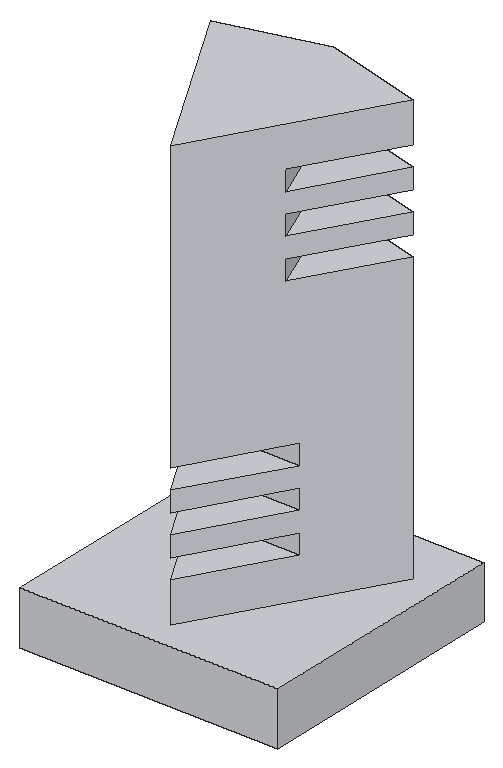
Revit family
Parameters (values of type "SBSP-008.2")
  Width = 1' - 4"
  URL = "www.strombergarchitectural.com"
  Top Material = GFRC
  Submittal Sheet = "www.strombergarchitectural.com/images/materials/gfrc/submittal/gfrc-submittal-sheet.pdf"
  Specifications = "www.strombergarchitectural.com/gfrcspecifications"
  Model Cut-sheet = "www.strombergarchitectural.com/products/bollards/design/SBSP-008"
  Model = "SBSP-008"
  Manufacturer = "Stromberg Architectural Products"
  Guidebook = "www.strombergarchitectural.com/images/materials/gfrc/handbooks/gfrc_guidebook.pdf"
  Frame Material = none
  Description = "GFRC Bollard"
  Assembly Code = ""
  Height = 2' - 6"
  XXX.5 = no
  XXX.4 = no
  XXX.3 = no
  XXX.2 = yes
  XXX.1 = no
Types (6): name | Width | Guidebook | Height | XXX.5 | XXX.4 | XXX.3 | XXX.2 | XXX.1
  (no name) | 1' - 4" | "www.strombergarchitectural.com/images/materials/gfrc/handbooks/gfrc_guidebook.pdf" | 2' - 6" | no | no | no | yes | no
  SBSP-008.3 | 1' - 7" | "www.strombergarchitectural.com/images/materials/gfrc/handbooks/gfrc_guidebook.pdf" | 3' - 0" | no | no | yes | no | no
  SBSP-008.1 | 1' - 1" | "www.strombergarchitectural.com/images/materials/gfrc/handbooks/gfrc_guidebook.pdf   \r\n(http://www.strombergarchitectural.com/images/materials/gfrc/handbooks/gfrc_guidebook.pdf" | 2' - 0" | no | no | no | no | yes
  SBSP-008.2 | 1' - 4" | "www.strombergarchitectural.com/images/materials/gfrc/handbooks/gfrc_guidebook.pdf" | 2' - 6" | no | no | no | yes | no
  SBSP-008.4 | 1' - 10" | "www.strombergarchitectural.com/images/materials/gfrc/handbooks/gfrc_guidebook.pdf" | 3' - 6" | no | yes | no | no | no
  SBSP-008.5 | 2' - 1" | "www.strombergarchitectural.com/images/materials/gfrc/handbooks/gfrc_guidebook.pdf" | 4' - 0" | yes | no | no | no | no
Reference planes (in)
  plane 1 "Center (Front/Back)": y = 3.74847
  plane 2: z = 0
  plane 3 "Center (Left/Right)": x = 0.7278
  plane 4 "Left": x = -17.2722
  plane 5 "Right": x = 18.7278
  plane 6: z = 5.33333
  plane 7: x = -3.77516
  plane 8: x = 5.23076
  plane 9: x = -33.2722
Forms (in)
  Extrusion 1, solid, visible <- "XXX.1"
    sketch origin (0, 0, 0) x (1, 0, 0) y (0, 1, 0)
      loop
        line (-5.7722, 10.24847) -> (-5.7722, -2.75153) -> (7.2278, -2.75153) -> (7.2278, 10.24847) -> (-5.7722, 10.24847)
    from 0 to 2.66667
  Extrusion 2, solid, visible <- "XXX.1"
    sketch origin (7.2278, -48, 2.66667) x (0, -1, 0) y (-1, 0, 0)
      loop
        line (-55.51163, 11.63158) -> (-56.88005, 6.5) -> (-55.51163, 1.36842) -> (-46.61689, 6.5) -> (-55.51163, 11.63158)
    from -2 to 0
  Extrusion 3, solid, visible <- "XXX.1"
    sketch origin (7.2278, -48, 4.66667) x (0, -1, 0) y (-1, 0, 0)
      loop
        line (-55.51163, 11.63158) -> (-56.88005, 6.5) -> (-55.51163, 1.36842) -> (-46.61689, 6.5) -> (-55.51163, 11.63158)
    from -2 to -1
  Extrusion 4, solid, visible <- "XXX.1"
    sketch origin (7.2278, -48, 6.66667) x (0, -1, 0) y (-1, 0, 0)
      loop
        line (-55.51163, 11.63158) -> (-56.88005, 6.5) -> (-55.51163, 1.36842) -> (-46.61689, 6.5) -> (-55.51163, 11.63158)
    from -2 to -1
  Extrusion 5, solid, visible <- "XXX.1"
    sketch origin (7.2278, -48, 8.83333) x (0, -1, 0) y (-1, 0, 0)
      loop
        line (-55.51163, 11.63158) -> (-56.88005, 6.5) -> (-55.51163, 1.36842) -> (-46.61689, 6.5) -> (-55.51163, 11.63158)
    from -2 to -0.83333
  Extrusion 6, solid, visible <- "XXX.1"
    sketch origin (7.2278, -48, 10.83333) x (0, -1, 0) y (-1, 0, 0)
      loop
        line (-55.51163, 11.63158) -> (-56.88005, 6.5) -> (-55.51163, 1.36842) -> (-46.61689, 6.5) -> (-55.51163, 11.63158)
    from -2 to -1
  Extrusion 7, solid, visible <- "XXX.1"
    sketch origin (7.2278, -48, 12.83333) x (0, -1, 0) y (-1, 0, 0)
      loop
        line (-55.51163, 11.63158) -> (-56.88005, 6.5) -> (-55.51163, 1.36842) -> (-46.61689, 6.5) -> (-55.51163, 11.63158)
    from -2 to -1
  Extrusion 8, solid, visible <- "XXX.1"
    sketch origin (7.2278, -48, 15) x (0, -1, 0) y (-1, 0, 0)
      loop
        line (-55.51163, 11.63158) -> (-56.88005, 6.5) -> (-55.51163, 1.36842) -> (-46.61689, 6.5) -> (-55.51163, 11.63158)
    from -2 to -0.83333
  Extrusion 9, solid, visible <- "XXX.1"
    sketch origin (7.2278, -48, 17) x (0, -1, 0) y (-1, 0, 0)
      loop
        line (-55.51163, 11.63158) -> (-56.88005, 6.5) -> (-55.51163, 1.36842) -> (-46.61689, 6.5) -> (-55.51163, 11.63158)
    from -2 to -1
  Extrusion 10, solid, visible <- "XXX.1"
    sketch origin (7.2278, -48, 19) x (0, -1, 0) y (-1, 0, 0)
      loop
        line (-55.51163, 11.63158) -> (-56.88005, 6.5) -> (-55.51163, 1.36842) -> (-46.61689, 6.5) -> (-55.51163, 11.63158)
    from -2 to -1
  Extrusion 11, solid, visible <- "XXX.1"
    sketch origin (7.2278, -48, 22) x (0, -1, 0) y (-1, 0, 0)
      loop
        line (-55.51163, 11.63158) -> (-56.88005, 6.5) -> (-55.51163, 1.36842) -> (-46.61689, 6.5) -> (-55.51163, 11.63158)
    from -2 to 0
  Extrusion 12, solid, visible <- "XXX.1"
    sketch origin (3.55965, -48, 4.66667) x (0, -1, 0) y (-1, 0, 0)
      loop
        line (-55.51163, 7.96343) -> (-56.88005, 2.83185) -> (-55.51163, -2.29973) -> (-51.35812, 0.09653) -> (-51.35812, 5.56718) -> (-55.51163, 7.96343)
    from -1 to 0
  Extrusion 13, solid, visible <- "XXX.1"
    sketch origin (3.55965, -48, 6.66667) x (0, -1, 0) y (-1, 0, 0)
      loop
        line (-55.51163, 7.96343) -> (-56.88005, 2.83185) -> (-55.51163, -2.29973) -> (-51.35812, 0.09653) -> (-51.35812, 5.56718) -> (-55.51163, 7.96343)
    from -1 to 0
  Extrusion 14, solid, visible <- "XXX.1"
    sketch origin (3.55965, -48, 8.66667) x (0, -1, 0) y (-1, 0, 0)
      loop
        line (-55.51163, 7.96343) -> (-56.88005, 2.83185) -> (-55.51163, -2.29973) -> (-51.35812, 0.09653) -> (-51.35812, 5.56718) -> (-55.51163, 7.96343)
    from -1 to 0
  Extrusion 15, solid, visible <- "XXX.1"
    sketch origin (-1.77368, -48, 10.83333) x (0, -1, 0) y (-1, 0, 0)
      loop
        line (-56.88005, -2.50148) -> (-55.51163, -7.63306) -> (-46.61689, -2.50148) -> (-50.95279, 0) -> (-56.88005, -2.50148)
    from -1 to 0
  Extrusion 16, solid, visible <- "XXX.1"
    sketch origin (-1.77368, -48, 12.83333) x (0, -1, 0) y (-1, 0, 0)
      loop
        line (-56.88005, -2.50148) -> (-55.51163, -7.63306) -> (-46.61689, -2.50148) -> (-50.95279, 0) -> (-56.88005, -2.50148)
    from -1 to 0
  Extrusion 17, solid, visible <- "XXX.1"
    sketch origin (-1.77368, -48, 14.83333) x (0, -1, 0) y (-1, 0, 0)
      loop
        line (-56.88005, -2.50148) -> (-55.51163, -7.63306) -> (-46.61689, -2.50148) -> (-50.95279, 0) -> (-56.88005, -2.50148)
    from -1 to 0
  Extrusion 18, solid, visible <- "XXX.1"
    sketch origin (5.85938, -48, 17) x (0, -1, 0) y (-1, 0, 0)
      loop
        line (-56.88005, 5.13158) -> (-50.95279, 2.6301) -> (-46.61689, 5.13158) -> (-55.51163, 10.26316) -> (-56.88005, 5.13158)
    from -1 to 0
  Extrusion 19, solid, visible <- "XXX.1"
    sketch origin (5.85938, -48, 19) x (0, -1, 0) y (-1, 0, 0)
      loop
        line (-56.88005, 5.13158) -> (-50.95279, 2.6301) -> (-46.61689, 5.13158) -> (-55.51163, 10.26316) -> (-56.88005, 5.13158)
    from -1 to 0
  Extrusion 20, solid, visible <- "XXX.1"
    sketch origin (5.85938, -48, 21) x (0, -1, 0) y (-1, 0, 0)
      loop
        line (-56.88005, 5.13158) -> (-50.95279, 2.6301) -> (-46.61689, 5.13158) -> (-55.51163, 10.26316) -> (-56.88005, 5.13158)
    from -1 to 0
  Extrusion 21, void
    sketch origin (0, 0, 0) x (1, 0, 0) y (0, 1, 0)
      loop
        line (-7.2722, -4.25153) -> (8.7278, -4.25153) -> (8.7278, 11.74847) -> (-7.2722, 11.74847) -> (-7.2722, -4.25153)
    from 0 to -0.00496
  Extrusion 22, solid, visible <- "XXX.2"
    sketch origin (8.7278, -48, 3.33333) x (0, -1, 0) y (-1, 0, 0)
      loop
        line (-58.06426, 8) -> (-56.38005, 1.68421) -> (-45.43268, 8) -> (-56.38193, 14.27852) -> (-58.06426, 8)
    from -2.5 to 0
  Extrusion 23, solid, visible <- "XXX.2"
    sketch origin (8.7278, -48, 5.83333) x (0, -1, 0) y (-1, 0, 0)
      loop
        line (-58.06426, 8) -> (-56.38005, 1.68421) -> (-45.43268, 8) -> (-56.38193, 14.27852) -> (-58.06426, 8)
    from -2.5 to -1.25
  Extrusion 24, solid, visible <- "XXX.2"
    sketch origin (8.7278, -48, 8.33333) x (0, -1, 0) y (-1, 0, 0)
      loop
        line (-58.06426, 8) -> (-56.38005, 1.68421) -> (-45.43268, 8) -> (-56.38193, 14.27852) -> (-58.06426, 8)
    from -2.5 to -1.25
  Extrusion 25, solid, visible <- "XXX.2"
    sketch origin (8.7278, -48, 11.04167) x (0, -1, 0) y (-1, 0, 0)
      loop
        line (-58.06426, 8) -> (-56.38005, 1.68421) -> (-45.43268, 8) -> (-56.38193, 14.27852) -> (-58.06426, 8)
    from -2.5 to -1.04167
  Extrusion 26, solid, visible <- "XXX.2"
    sketch origin (8.7278, -48, 13.54167) x (0, -1, 0) y (-1, 0, 0)
      loop
        line (-58.06426, 8) -> (-56.38005, 1.68421) -> (-45.43268, 8) -> (-56.38193, 14.27852) -> (-58.06426, 8)
    from -2.5 to -1.25
  Extrusion 27, solid, visible <- "XXX.2"
    sketch origin (8.7278, -48, 16.04167) x (0, -1, 0) y (-1, 0, 0)
      loop
        line (-58.06426, 8) -> (-56.38005, 1.68421) -> (-45.43268, 8) -> (-56.38193, 14.27852) -> (-58.06426, 8)
    from -2.5 to -1.25
  Extrusion 28, solid, visible <- "XXX.2"
    sketch origin (8.7278, -48, 18.75) x (0, -1, 0) y (-1, 0, 0)
      loop
        line (-58.06426, 8) -> (-56.38005, 1.68421) -> (-45.43268, 8) -> (-56.38193, 14.27852) -> (-58.06426, 8)
    from -2.5 to -1.04167
  Extrusion 29, solid, visible <- "XXX.2"
    sketch origin (8.7278, -48, 21.25) x (0, -1, 0) y (-1, 0, 0)
      loop
        line (-58.06426, 8) -> (-56.38005, 1.68421) -> (-45.43268, 8) -> (-56.38193, 14.27852) -> (-58.06426, 8)
    from -2.5 to -1.25
  Extrusion 30, solid, visible <- "XXX.2"
    sketch origin (8.7278, -48, 23.75) x (0, -1, 0) y (-1, 0, 0)
      loop
        line (-58.06426, 8) -> (-56.38005, 1.68421) -> (-45.43268, 8) -> (-56.38193, 14.27852) -> (-58.06426, 8)
    from -2.5 to -1.25
  Extrusion 31, solid, visible <- "XXX.2"
    sketch origin (8.7278, -48, 27.5) x (0, -1, 0) y (-1, 0, 0)
      loop
        line (-58.06426, 8) -> (-56.38005, 1.68421) -> (-45.43268, 8) -> (-56.38193, 14.27852) -> (-58.06426, 8)
    from -2.5 to 0
  Extrusion 32, solid, visible <- "XXX.2"
    sketch origin (8.7278, -48, 3.33333) x (0, -1, 0) y (-1, 0, 0)
      loop
        line (-59.74847, 16) -> (-59.74847, 0) -> (-43.74847, 0) -> (-43.74847, 16) -> (-59.74847, 16)
    from 0 to 3.33333
  Extrusion 33, solid, visible <- "XXX.2"
    sketch origin (8.7278, -48, 3.33333) x (0, -1, 0) y (-1, 0, 0)
      loop
        line (-56.38193, 14.27852) -> (-58.06426, 8) -> (-56.38005, 1.68421) -> (-51.26803, 4.63345) -> (-51.26803, 11.34611) -> (-56.38193, 14.27852)
    from -3.75 to -2.5
  Extrusion 34, solid, visible <- "XXX.2"
    sketch origin (8.7278, -48, 5.83333) x (0, -1, 0) y (-1, 0, 0)
      loop
        line (-56.38193, 14.27852) -> (-58.06426, 8) -> (-56.38005, 1.68421) -> (-51.26803, 4.63345) -> (-51.26803, 11.34611) -> (-56.38193, 14.27852)
    from -3.75 to -2.5
  Extrusion 35, solid, visible <- "XXX.2"
    sketch origin (8.7278, -48, 8.33333) x (0, -1, 0) y (-1, 0, 0)
      loop
        line (-56.38193, 14.27852) -> (-58.06426, 8) -> (-56.38005, 1.68421) -> (-51.26803, 4.63345) -> (-51.26803, 11.34611) -> (-56.38193, 14.27852)
    from -3.75 to -2.5
  Extrusion 36, solid, visible <- "XXX.2"
    sketch origin (8.7278, -48, 3.33333) x (0, -1, 0) y (-1, 0, 0)
      loop
        line (-58.06426, 8) -> (-50.63589, 4.99815) -> (-45.43268, 8) -> (-56.38193, 14.27852) -> (-58.06426, 8)
    from -19.16667 to -17.91667
  Extrusion 37, solid, visible <- "XXX.2"
    sketch origin (8.7278, -48, 5.83333) x (0, -1, 0) y (-1, 0, 0)
      loop
        line (-58.06426, 8) -> (-50.63589, 4.99815) -> (-45.43268, 8) -> (-56.38193, 14.27852) -> (-58.06426, 8)
    from -19.16667 to -17.91667
  Extrusion 38, solid, visible <- "XXX.2"
    sketch origin (8.7278, -48, 8.33333) x (0, -1, 0) y (-1, 0, 0)
      loop
        line (-58.06426, 8) -> (-50.63589, 4.99815) -> (-45.43268, 8) -> (-56.38193, 14.27852) -> (-58.06426, 8)
    from -19.16667 to -17.91667
  Extrusion 39, solid, visible <- "XXX.3"
    sketch origin (0, 0, 0) x (1, 0, 0) y (0, 1, 0)
      loop
        line (-8.7722, 13.24847) -> (-8.7722, -5.75153) -> (10.2278, -5.75153) -> (10.2278, 13.24847) -> (-8.7722, 13.24847)
    from 0 to 4
  Extrusion 40, solid, visible <- "XXX.3"
    sketch origin (10.2278, -48, 4) x (0, -1, 0) y (-1, 0, 0)
      loop
        line (-59.24847, 9.5) -> (-57.24847, 2) -> (-44.24847, 9.5) -> (-57.24847, 17) -> (-59.24847, 9.5)
    from -3 to 0
  Extrusion 41, solid, visible <- "XXX.3"
    sketch origin (10.2278, -48, 7) x (0, -1, 0) y (-1, 0, 0)
      loop
        line (-59.24847, 9.5) -> (-57.24847, 2) -> (-44.24847, 9.5) -> (-57.24847, 17) -> (-59.24847, 9.5)
    from -3 to -1.5
  Extrusion 42, solid, visible <- "XXX.3"
    sketch origin (10.2278, -48, 10) x (0, -1, 0) y (-1, 0, 0)
      loop
        line (-59.24847, 9.5) -> (-57.24847, 2) -> (-44.24847, 9.5) -> (-57.24847, 17) -> (-59.24847, 9.5)
    from -3 to -1.5
  Extrusion 43, solid, visible <- "XXX.3"
    sketch origin (10.2278, -48, 13.25) x (0, -1, 0) y (-1, 0, 0)
      loop
        line (-59.24847, 9.5) -> (-57.24847, 2) -> (-44.24847, 9.5) -> (-57.24847, 17) -> (-59.24847, 9.5)
    from -3 to -1.25
  Extrusion 44, solid, visible <- "XXX.3"
    sketch origin (10.2278, -48, 16.25) x (0, -1, 0) y (-1, 0, 0)
      loop
        line (-59.24847, 9.5) -> (-57.24847, 2) -> (-44.24847, 9.5) -> (-57.24847, 17) -> (-59.24847, 9.5)
    from -3 to -1.5
  Extrusion 45, solid, visible <- "XXX.3"
    sketch origin (10.2278, -48, 19.25) x (0, -1, 0) y (-1, 0, 0)
      loop
        line (-59.24847, 9.5) -> (-57.24847, 2) -> (-44.24847, 9.5) -> (-57.24847, 17) -> (-59.24847, 9.5)
    from -3 to -1.5
  Extrusion 46, solid, visible <- "XXX.3"
    sketch origin (10.2278, -48, 22.25) x (0, -1, 0) y (-1, 0, 0)
      loop
        line (-59.24847, 9.5) -> (-57.24847, 2) -> (-44.24847, 9.5) -> (-57.24847, 17) -> (-59.24847, 9.5)
    from -3.25 to -1.5
  Extrusion 47, solid, visible <- "XXX.3"
    sketch origin (10.2278, -48, 25.25) x (0, -1, 0) y (-1, 0, 0)
      loop
        line (-59.24847, 9.5) -> (-57.24847, 2) -> (-44.24847, 9.5) -> (-57.24847, 17) -> (-59.24847, 9.5)
    from -3.25 to -1.75
  Extrusion 48, solid, visible <- "XXX.3"
    sketch origin (10.2278, -48, 28.25) x (0, -1, 0) y (-1, 0, 0)
      loop
        line (-59.24847, 9.5) -> (-57.24847, 2) -> (-44.24847, 9.5) -> (-57.24847, 17) -> (-59.24847, 9.5)
    from -3.25 to -1.75
  Extrusion 49, solid, visible <- "XXX.3"
    sketch origin (10.2278, -48, 32.75) x (0, -1, 0) y (-1, 0, 0)
      loop
        line (-59.24847, 9.5) -> (-57.24847, 2) -> (-44.24847, 9.5) -> (-57.24847, 17) -> (-59.24847, 9.5)
    from -3.25 to -0.25
  Extrusion 50, solid, visible <- "XXX.3"
    sketch origin (10.2278, -48, 16.25) x (0, -1, 0) y (-1, 0, 0)
      loop
        line (-59.24847, 9.5) -> (-57.24847, 2) -> (-44.24847, 9.5) -> (-50.31898, 13.00222) -> (-59.24847, 9.5)
    from -4.5 to -3
  Extrusion 51, solid, visible <- "XXX.3"
    sketch origin (10.2278, -48, 13.25) x (0, -1, 0) y (-1, 0, 0)
      loop
        line (-59.24847, 9.5) -> (-57.24847, 2) -> (-44.24847, 9.5) -> (-50.31898, 13.00222) -> (-59.24847, 9.5)
    from -4.5 to -3
  Extrusion 52, solid, visible <- "XXX.3"
    sketch origin (10.2278, -48, 19.25) x (0, -1, 0) y (-1, 0, 0)
      loop
        line (-59.24847, 9.5) -> (-57.24847, 2) -> (-44.24847, 9.5) -> (-50.31898, 13.00222) -> (-59.24847, 9.5)
    from -4.5 to -3
  Extrusion 53, solid, visible <- "XXX.3"
    sketch origin (10.2278, -48, 4) x (0, -1, 0) y (-1, 0, 0)
      loop
        line (-59.24847, 9.5) -> (-57.24847, 2) -> (-51.17795, 5.50222) -> (-51.17795, 13.49778) -> (-57.24847, 17) -> (-59.24847, 9.5)
    from -4.5 to -3
  Extrusion 54, solid, visible <- "XXX.3"
    sketch origin (10.2278, -48, 7) x (0, -1, 0) y (-1, 0, 0)
      loop
        line (-59.24847, 9.5) -> (-57.24847, 2) -> (-51.17795, 5.50222) -> (-51.17795, 13.49778) -> (-57.24847, 17) -> (-59.24847, 9.5)
    from -4.5 to -3
  Extrusion 55, solid, visible <- "XXX.3"
    sketch origin (10.2278, -48, 10) x (0, -1, 0) y (-1, 0, 0)
      loop
        line (-59.24847, 9.5) -> (-57.24847, 2) -> (-51.17795, 5.50222) -> (-51.17795, 13.49778) -> (-57.24847, 17) -> (-59.24847, 9.5)
    from -4.5 to -3
  Extrusion 56, solid, visible <- "XXX.3"
    sketch origin (10.2278, -48, 4) x (0, -1, 0) y (-1, 0, 0)
      loop
        line (-59.24847, 9.5) -> (-50.31898, 5.99778) -> (-44.24847, 9.5) -> (-57.24847, 17) -> (-59.24847, 9.5)
    from -23 to -21.5
  Extrusion 57, solid, visible <- "XXX.3"
    sketch origin (10.2278, -48, 7) x (0, -1, 0) y (-1, 0, 0)
      loop
        line (-59.24847, 9.5) -> (-50.31898, 5.99778) -> (-44.24847, 9.5) -> (-57.24847, 17) -> (-59.24847, 9.5)
    from -23 to -21.5
  Extrusion 58, solid, visible <- "XXX.3"
    sketch origin (10.2278, -48, 10) x (0, -1, 0) y (-1, 0, 0)
      loop
        line (-59.24847, 9.5) -> (-50.31898, 5.99778) -> (-44.24847, 9.5) -> (-57.24847, 17) -> (-59.24847, 9.5)
    from -23 to -21.5
  Extrusion 59, solid, visible <- "XXX.4"
    sketch origin (0, 0, 0) x (1, 0, 0) y (0, 1, 0)
      loop
        line (-10.2722, 14.74847) -> (-10.2722, -7.25153) -> (11.7278, -7.25153) -> (11.7278, 14.74847) -> (-10.2722, 14.74847)
    from 0 to 4.66667
  Extrusion 60, solid, visible <- "XXX.4"
    sketch origin (11.7278, -48, 4.66667) x (0, -1, 0) y (-1, 0, 0)
      loop
        line (-60.43268, 11) -> (-58.11689, 2.31579) -> (-43.06426, 11) -> (-58.11689, 19.68421) -> (-60.43268, 11)
    from -3.5 to 0
  Extrusion 61, solid, visible <- "XXX.4"
    sketch origin (11.7278, -48, 8.16667) x (0, -1, 0) y (-1, 0, 0)
      loop
        line (-60.43268, 11) -> (-58.11689, 2.31579) -> (-43.06426, 11) -> (-58.11689, 19.68421) -> (-60.43268, 11)
    from -3.5 to -1.75
  Extrusion 62, solid, visible <- "XXX.4"
    sketch origin (11.7278, -48, 11.66667) x (0, -1, 0) y (-1, 0, 0)
      loop
        line (-60.43268, 11) -> (-58.11689, 2.31579) -> (-43.06426, 11) -> (-58.11689, 19.68421) -> (-60.43268, 11)
    from -3.5 to -1.75
  Extrusion 63, solid, visible <- "XXX.4"
    sketch origin (11.7278, -48, 15.41667) x (0, -1, 0) y (-1, 0, 0)
      loop
        line (-60.43268, 11) -> (-58.11689, 2.31579) -> (-43.06426, 11) -> (-58.11689, 19.68421) -> (-60.43268, 11)
    from -3.54167 to -1.5
  Extrusion 64, solid, visible <- "XXX.4"
    sketch origin (11.7278, -48, 18.91667) x (0, -1, 0) y (-1, 0, 0)
      loop
        line (-60.43268, 11) -> (-58.11689, 2.31579) -> (-43.06426, 11) -> (-58.11689, 19.68421) -> (-60.43268, 11)
    from -3.54167 to -1.79167
  Extrusion 65, solid, visible <- "XXX.4"
    sketch origin (11.7278, -48, 22.41667) x (0, -1, 0) y (-1, 0, 0)
      loop
        line (-60.43268, 11) -> (-58.11689, 2.31579) -> (-43.06426, 11) -> (-58.11689, 19.68421) -> (-60.43268, 11)
    from -3.54167 to -1.79167
  Extrusion 66, solid, visible <- "XXX.4"
    sketch origin (11.7278, -48, 25.91667) x (0, -1, 0) y (-1, 0, 0)
      loop
        line (-60.43268, 11) -> (-58.11689, 2.31579) -> (-43.06426, 11) -> (-58.11689, 19.68421) -> (-60.43268, 11)
    from -3.83333 to -1.79167
  Extrusion 67, solid, visible <- "XXX.4"
    sketch origin (11.7278, -48, 29.41667) x (0, -1, 0) y (-1, 0, 0)
      loop
        line (-60.43268, 11) -> (-58.11689, 2.31579) -> (-43.06426, 11) -> (-58.11689, 19.68421) -> (-60.43268, 11)
    from -3.83333 to -2.08333
  Extrusion 68, solid, visible <- "XXX.4"
    sketch origin (11.7278, -48, 32.91667) x (0, -1, 0) y (-1, 0, 0)
      loop
        line (-60.43268, 11) -> (-58.11689, 2.31579) -> (-43.06426, 11) -> (-58.11689, 19.68421) -> (-60.43268, 11)
    from -3.83333 to -2.08333
  Extrusion 69, solid, visible <- "XXX.4"
    sketch origin (11.7278, -48, 36.41667) x (0, -1, 0) y (-1, 0, 0)
      loop
        line (-60.43268, 11) -> (-58.11689, 2.31579) -> (-43.06426, 11) -> (-58.11689, 19.68421) -> (-60.43268, 11)
    from -5.58333 to -2.08333
  Extrusion 70, solid, visible <- "XXX.4"
    sketch origin (11.7278, -48, 4.66667) x (0, -1, 0) y (-1, 0, 0)
      loop
        line (-60.43268, 11) -> (-58.11689, 2.31579) -> (-51.08787, 6.37099) -> (-51.08787, 15.62901) -> (-58.11689, 19.68421) -> (-60.43268, 11)
    from -5.25 to -3.5
  Extrusion 71, solid, visible <- "XXX.4"
    sketch origin (11.7278, -48, 8.16667) x (0, -1, 0) y (-1, 0, 0)
      loop
        line (-60.43268, 11) -> (-58.11689, 2.31579) -> (-51.08787, 6.37099) -> (-51.08787, 15.62901) -> (-58.11689, 19.68421) -> (-60.43268, 11)
    from -5.25 to -3.5
  Extrusion 72, solid, visible <- "XXX.4"
    sketch origin (11.7278, -48, 11.66667) x (0, -1, 0) y (-1, 0, 0)
      loop
        line (-60.43268, 11) -> (-58.11689, 2.31579) -> (-51.08787, 6.37099) -> (-51.08787, 15.62901) -> (-58.11689, 19.68421) -> (-60.43268, 11)
    from -5.25 to -3.5
  Extrusion 73, solid, visible <- "XXX.4"
    sketch origin (11.7278, -48, 4.66667) x (0, -1, 0) y (-1, 0, 0)
      loop
        line (-60.43268, 11) -> (-58.11689, 2.31579) -> (-43.06426, 11) -> (-50.00208, 15.00259) -> (-60.43268, 11)
    from -16.04167 to -14.29167
  Extrusion 74, solid, visible <- "XXX.4"
    sketch origin (11.7278, -48, 8.16667) x (0, -1, 0) y (-1, 0, 0)
      loop
        line (-60.43268, 11) -> (-58.11689, 2.31579) -> (-43.06426, 11) -> (-50.00208, 15.00259) -> (-60.43268, 11)
    from -16.04167 to -14.29167
  Extrusion 75, solid, visible <- "XXX.4"
    sketch origin (11.7278, -48, 11.66667) x (0, -1, 0) y (-1, 0, 0)
      loop
        line (-60.43268, 11) -> (-58.11689, 2.31579) -> (-43.06426, 11) -> (-50.00208, 15.00259) -> (-60.43268, 11)
    from -16.04167 to -14.29167
  Extrusion 76, solid, visible <- "XXX.4"
    sketch origin (11.7278, -48, 4.66667) x (0, -1, 0) y (-1, 0, 0)
      loop
        line (-60.43268, 11) -> (-50.00208, 6.99741) -> (-43.06426, 11) -> (-58.11689, 19.68421) -> (-60.43268, 11)
    from -26.83333 to -25.08333
  Extrusion 77, solid, visible <- "XXX.4"
    sketch origin (11.7278, -48, 8.16667) x (0, -1, 0) y (-1, 0, 0)
      loop
        line (-60.43268, 11) -> (-50.00208, 6.99741) -> (-43.06426, 11) -> (-58.11689, 19.68421) -> (-60.43268, 11)
    from -26.83333 to -25.08333
  Extrusion 78, solid, visible <- "XXX.4"
    sketch origin (11.7278, -48, 11.66667) x (0, -1, 0) y (-1, 0, 0)
      loop
        line (-60.43268, 11) -> (-50.00208, 6.99741) -> (-43.06426, 11) -> (-58.11689, 19.68421) -> (-60.43268, 11)
    from -26.83333 to -25.08333
  Extrusion 79, solid, visible <- "XXX.5"
    sketch origin (13.2278, -48, 5.33333) x (0, -1, 0) y (-1, 0, 0)
      loop
        line (-64.24847, 25) -> (-64.24847, 0) -> (-39.24847, 0) -> (-39.24847, 25) -> (-64.24847, 25)
    from 0 to 5.33333
  Extrusion 80, solid, visible <- "XXX.5"
    sketch origin (13.2278, -48, 5.33333) x (0, -1, 0) y (-1, 0, 0)
      loop
        line (-61.61689, 12.5) -> (-58.98531, 2.63158) -> (-41.88005, 12.5) -> (-58.98531, 22.36842) -> (-61.61689, 12.5)
    from -4 to 0
  Extrusion 81, solid, visible <- "XXX.5"
    sketch origin (13.2278, -48, 11.5) x (0, -1, 0) y (-1, 0, 0)
      loop
        line (-61.61689, 12.5) -> (-58.98531, 2.63158) -> (-41.88005, 12.5) -> (-58.98531, 22.36842) -> (-61.61689, 12.5)
    from -1.83333 to 0.16667
  Extrusion 82, solid, visible <- "XXX.5"
    sketch origin (13.2278, -48, 15.45833) x (0, -1, 0) y (-1, 0, 0)
      loop
        line (-61.61689, 12.5) -> (-58.98531, 2.63158) -> (-41.88005, 12.5) -> (-58.98531, 22.36842) -> (-61.61689, 12.5)
    from -1.875 to 0.125
  Extrusion 83, solid, visible <- "XXX.5"
    sketch origin (13.2278, -48, 19.79167) x (0, -1, 0) y (-1, 0, 0)
      loop
        line (-61.61689, 12.5) -> (-58.98531, 2.63158) -> (-41.88005, 12.5) -> (-58.98531, 22.36842) -> (-61.61689, 12.5)
    from -1.875 to 0.45833
  Extrusion 84, solid, visible <- "XXX.5"
    sketch origin (13.2278, -48, 23.79167) x (0, -1, 0) y (-1, 0, 0)
      loop
        line (-61.61689, 12.5) -> (-58.98531, 2.63158) -> (-41.88005, 12.5) -> (-58.98531, 22.36842) -> (-61.61689, 12.5)
    from -1.875 to 0.125
  Extrusion 85, solid, visible <- "XXX.5"
    sketch origin (13.2278, -48, 27.79167) x (0, -1, 0) y (-1, 0, 0)
      loop
        line (-61.61689, 12.5) -> (-58.98531, 2.63158) -> (-41.88005, 12.5) -> (-58.98531, 22.36842) -> (-61.61689, 12.5)
    from -1.875 to 0.125
  Extrusion 86, solid, visible <- "XXX.5"
    sketch origin (13.2278, -48, 31.79167) x (0, -1, 0) y (-1, 0, 0)
      loop
        line (-61.61689, 12.5) -> (-58.98531, 2.63158) -> (-41.88005, 12.5) -> (-58.98531, 22.36842) -> (-61.61689, 12.5)
    from -2.20833 to 0.125
  Extrusion 87, solid, visible <- "XXX.5"
    sketch origin (13.2278, -48, 36.04167) x (0, -1, 0) y (-1, 0, 0)
      loop
        line (-61.61689, 12.5) -> (-58.98531, 2.63158) -> (-41.88005, 12.5) -> (-58.98531, 22.36842) -> (-61.61689, 12.5)
    from -1.95833 to 0.04167
  Extrusion 88, solid, visible <- "XXX.5"
    sketch origin (13.2278, -48, 40.04167) x (0, -1, 0) y (-1, 0, 0)
      loop
        line (-61.61689, 12.5) -> (-58.98531, 2.63158) -> (-41.88005, 12.5) -> (-58.98531, 22.36842) -> (-61.61689, 12.5)
    from -1.95833 to 0.04167
  Extrusion 89, solid, visible <- "XXX.5"
    sketch origin (13.2278, -48, 46.04167) x (0, -1, 0) y (-1, 0, 0)
      loop
        line (-61.61689, 12.5) -> (-58.98531, 2.63158) -> (-41.88005, 12.5) -> (-58.98531, 22.36842) -> (-61.61689, 12.5)
    from -1.95833 to 2.04167
  Extrusion 90, solid, visible <- "XXX.5"
    sketch origin (13.2278, -48, 5.33333) x (0, -1, 0) y (-1, 0, 0)
      loop
        line (-58.98531, 22.36842) -> (-61.61689, 12.5) -> (-58.98531, 2.63158) -> (-50.99779, 7.23976) -> (-50.99779, 17.76024) -> (-58.98531, 22.36842)
    from -6 to -4
  Extrusion 91, solid, visible <- "XXX.5"
    sketch origin (13.2278, -48, 9.33333) x (0, -1, 0) y (-1, 0, 0)
      loop
        line (-58.98531, 22.36842) -> (-61.61689, 12.5) -> (-58.98531, 2.63158) -> (-50.99779, 7.23976) -> (-50.99779, 17.76024) -> (-58.98531, 22.36842)
    from -6 to -4
  Extrusion 92, solid, visible <- "XXX.5"
    sketch origin (13.2278, -48, 13.33333) x (0, -1, 0) y (-1, 0, 0)
      loop
        line (-58.98531, 22.36842) -> (-61.61689, 12.5) -> (-58.98531, 2.63158) -> (-50.99779, 7.23976) -> (-50.99779, 17.76024) -> (-58.98531, 22.36842)
    from -6 to -4
  Extrusion 93, solid, visible <- "XXX.5"
    sketch origin (13.2278, -48, 5.33333) x (0, -1, 0) y (-1, 0, 0)
      loop
        line (-61.61689, 12.5) -> (-58.98531, 2.63158) -> (-41.88005, 12.5) -> (-49.68518, 17.00296) -> (-61.61689, 12.5)
    from -18.33333 to -16.33333
  Extrusion 94, solid, visible <- "XXX.5"
    sketch origin (13.2278, -48, 9.375) x (0, -1, 0) y (-1, 0, 0)
      loop
        line (-61.61689, 12.5) -> (-58.98531, 2.63158) -> (-41.88005, 12.5) -> (-49.68518, 17.00296) -> (-61.61689, 12.5)
    from -18.29167 to -16.29167
  Extrusion 95, solid, visible <- "XXX.5"
    sketch origin (13.2278, -48, 13.375) x (0, -1, 0) y (-1, 0, 0)
      loop
        line (-61.61689, 12.5) -> (-58.98531, 2.63158) -> (-41.88005, 12.5) -> (-49.68518, 17.00296) -> (-61.61689, 12.5)
    from -18.29167 to -16.29167
  Extrusion 96, solid, visible <- "XXX.5"
    sketch origin (13.2278, -48, 5.33333) x (0, -1, 0) y (-1, 0, 0)
      loop
        line (-61.61689, 12.5) -> (-49.68518, 7.99704) -> (-41.88005, 12.5) -> (-58.98531, 22.36842) -> (-61.61689, 12.5)
    from -30.66667 to -28.66667
  Extrusion 97, solid, visible <- "XXX.5"
    sketch origin (13.2278, -48, 9.33333) x (0, -1, 0) y (-1, 0, 0)
      loop
        line (-61.61689, 12.5) -> (-49.68518, 7.99704) -> (-41.88005, 12.5) -> (-58.98531, 22.36842) -> (-61.61689, 12.5)
    from -30.66667 to -28.66667
  Extrusion 98, solid, visible <- "XXX.5"
    sketch origin (13.2278, -48, 13.33333) x (0, -1, 0) y (-1, 0, 0)
      loop
        line (-61.61689, 12.5) -> (-49.68518, 7.99704) -> (-41.88005, 12.5) -> (-58.98531, 22.36842) -> (-61.61689, 12.5)
    from -30.66667 to -28.66667
  Extrusion 99, solid, visible <- "XXX.2"
    sketch origin (34, 0, 0) x (1, 0, 0) y (0, 1, 0)
      loop
        line (-33.2722, 10.06426) -> (-36.26617, 2.65393) -> (-33.2722, -2.56732) -> (-26.95641, 8.38005) -> (-33.2722, 10.06426)
    from 13.54167 to 14.79167
  Extrusion 100, solid, visible <- "XXX.2"
    sketch origin (34, 0, 2.5) x (1, 0, 0) y (0, 1, 0)
      loop
        line (-33.2722, 10.06426) -> (-36.26617, 2.65393) -> (-33.2722, -2.56732) -> (-26.95641, 8.38005) -> (-33.2722, 10.06426)
    from 13.54167 to 14.79167
  Extrusion 101, solid, visible <- "XXX.2"
    sketch origin (34, 0, 5) x (1, 0, 0) y (0, 1, 0)
      loop
        line (-33.2722, 10.06426) -> (-36.26617, 2.65393) -> (-33.2722, -2.56732) -> (-26.95641, 8.38005) -> (-33.2722, 10.06426)
    from 13.54167 to 14.79167
Cuts and joins
  Extrusion 21 cuts Extrusion 1
  Extrusion 21 cuts Extrusion 2
  Extrusion 21 cuts Extrusion 3
  Extrusion 21 cuts Extrusion 4
  Extrusion 21 cuts Extrusion 5
  Extrusion 21 cuts Extrusion 6
  Extrusion 21 cuts Extrusion 7
  Extrusion 21 cuts Extrusion 8
  Extrusion 21 cuts Extrusion 9
  Extrusion 21 cuts Extrusion 10
  Extrusion 21 cuts Extrusion 11
  Extrusion 21 cuts Extrusion 12
  Extrusion 21 cuts Extrusion 13
  Extrusion 21 cuts Extrusion 14
  Extrusion 21 cuts Extrusion 15
  Extrusion 21 cuts Extrusion 16
  Extrusion 21 cuts Extrusion 17
  Extrusion 21 cuts Extrusion 18
  Extrusion 21 cuts Extrusion 19
  Extrusion 21 cuts Extrusion 20
  joined: Extrusion 1, Extrusion 2, Extrusion 3, Extrusion 4, Extrusion 5, Extrusion 6, Extrusion 7, Extrusion 8, Extrusion 9, Extrusion 10, Extrusion 11, Extrusion 12, Extrusion 13, Extrusion 14, Extrusion 15, Extrusion 16, Extrusion 17, Extrusion 18, Extrusion 19, Extrusion 20
  joined: Extrusion 22, Extrusion 23, Extrusion 24, Extrusion 25, Extrusion 26, Extrusion 27, Extrusion 28, Extrusion 29, Extrusion 30, Extrusion 31, Extrusion 32, Extrusion 33, Extrusion 34, Extrusion 35, Extrusion 36, Extrusion 37, Extrusion 38, Extrusion 99, Extrusion 100, Extrusion 101
  joined: Extrusion 39, Extrusion 40, Extrusion 41, Extrusion 42, Extrusion 43, Extrusion 44, Extrusion 45, Extrusion 46, Extrusion 47, Extrusion 48, Extrusion 49, Extrusion 50, Extrusion 51, Extrusion 52, Extrusion 53, Extrusion 54, Extrusion 55, Extrusion 56, Extrusion 57, Extrusion 58
  joined: Extrusion 59, Extrusion 60, Extrusion 61, Extrusion 62, Extrusion 63, Extrusion 64, Extrusion 65, Extrusion 66, Extrusion 67, Extrusion 68, Extrusion 69, Extrusion 70, Extrusion 71, Extrusion 72, Extrusion 73, Extrusion 74, Extrusion 75, Extrusion 76, Extrusion 77, Extrusion 78
  joined: Extrusion 79, Extrusion 80, Extrusion 81, Extrusion 82, Extrusion 83, Extrusion 84, Extrusion 85, Extrusion 86, Extrusion 87, Extrusion 88, Extrusion 89, Extrusion 90, Extrusion 91, Extrusion 92, Extrusion 93, Extrusion 94, Extrusion 95, Extrusion 96, Extrusion 97, Extrusion 98
Dimensions and locks (in)
  aligned and locked: level to plane 2
